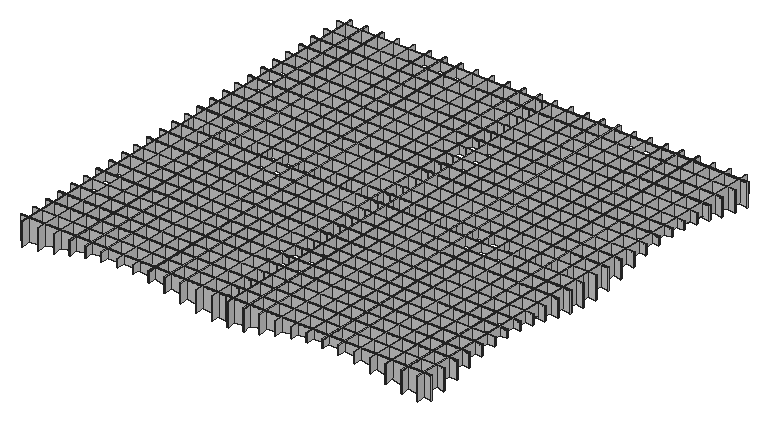
Revit family "CLD-WFL-002_RFA", category Modelos genéricos, Revit 2022 (continued)
Forms (in)
  Extrusion 313, solid
    sketch origin (108, 29.30922, 0) x (1, 0, 0) y (0, 0, 1)
      loop
        spline (53.76378, 3.05407) -> (54.49695, 3.0556) -> (55.23004, 3.05885) -> (55.96301, 3.06387) -> (56.6958, 3.07073) -> (57.42836, 3.07948) -> (58.16062, 3.09019) -> (58.89255, 3.10292) -> (59.62409, 3.11771) -> (60.35517, 3.13464) -> (61.08576, 3.15376) -> (61.81579, 3.17514) -> (62.54522, 3.19882)
        spline (62.54522, 3.19882) -> (63.20286, 3.22386) -> (63.85981, 3.25117) -> (64.51602, 3.28078) -> (65.17144, 3.31277) -> (65.82603, 3.34719) -> (66.47973, 3.38408) -> (67.1325, 3.42351) -> (67.78428, 3.46553) -> (68.43505, 3.51013) -> (69.08486, 3.55715) -> (69.73376, 3.60642) -> (70.38178, 3.65777)
        spline (70.38178, 3.65777) -> (71.1172, 3.71948) -> (71.85176, 3.78304) -> (72.58554, 3.84824) -> (73.31858, 3.91488) -> (74.05094, 3.98275) -> (74.78268, 4.05166) -> (75.51385, 4.12139) -> (76.24452, 4.19176) -> (76.97473, 4.26254) -> (77.70455, 4.33354) -> (78.43403, 4.40456) -> (79.16322, 4.47539)
        spline (79.16322, 4.47539) -> (79.80403, 4.53723) -> (80.44473, 4.59841) -> (81.08536, 4.65876) -> (81.72599, 4.7181) -> (82.36666, 4.77623) -> (83.00743, 4.83299) -> (83.64836, 4.88819) -> (84.28951, 4.94166) -> (84.93093, 4.9932) -> (85.57267, 5.04265) -> (86.21481, 5.08982) -> (86.85738, 5.13453)
        spline (86.85738, 5.13453) -> (87.59614, 5.18092) -> (88.33559, 5.22395) -> (89.07577, 5.26344) -> (89.81676, 5.29917) -> (90.55862, 5.33094) -> (91.30141, 5.35856) -> (92.04519, 5.38181) -> (92.79004, 5.4005) -> (93.53601, 5.41442) -> (94.28316, 5.42338) -> (95.03157, 5.42716) -> (95.78122, 5.4257)
        spline (95.78122, 5.4257) -> (96.43065, 5.41648) -> (97.08095, 5.40294) -> (97.73207, 5.38513) -> (98.38393, 5.36311) -> (99.03648, 5.33693) -> (99.68963, 5.30665) -> (100.34334, 5.27231) -> (100.99753, 5.23398) -> (101.65213, 5.19169) -> (102.30709, 5.14552) -> (102.96233, 5.09551) -> (103.61778, 5.04172)
        spline (103.61778, 5.04172) -> (103.98301, 5.00943) -> (104.34827, 4.97613) -> (104.71354, 4.94182) -> (105.07881, 4.90651) -> (105.44407, 4.8702) -> (105.80932, 4.83291) -> (106.17455, 4.79465) -> (106.53974, 4.75541) -> (106.90489, 4.71521) -> (107.26999, 4.67406) -> (107.63503, 4.63196) -> (108, 4.58891)
        line (108, 4.58891) -> (108, 11.82144)
    from -0.11811 to 0
  Extrusion 314, solid
    sketch origin (108, 21.00022, 0) x (1, 0, 0) y (0, 0, 1)
      loop
        line (108, 11.82144) -> (0, 11.82144) -> (0, 2.55729)
        spline (0, 2.55729) -> (0.32561, 2.61504) -> (0.65129, 2.67215) -> (0.97702, 2.72862) -> (1.3028, 2.78445) -> (1.62862, 2.83963) -> (1.95447, 2.89415) -> (2.28035, 2.94802) -> (2.60624, 3.00123) -> (2.93213, 3.05379) -> (3.25803, 3.10567) -> (3.58391, 3.15689) -> (3.90978, 3.20744)
        spline (3.90978, 3.20744) -> (4.64427, 3.31686) -> (5.37851, 3.42317) -> (6.11243, 3.52634) -> (6.84596, 3.62635) -> (7.57903, 3.72316) -> (8.31156, 3.81675) -> (9.04347, 3.90709) -> (9.77469, 3.99415) -> (10.50515, 4.07789) -> (11.23478, 4.1583) -> (11.96349, 4.23534) -> (12.69122, 4.30898)
        spline (12.69122, 4.30898) -> (13.34952, 4.37039) -> (14.00673, 4.4286) -> (14.66285, 4.48364) -> (15.31792, 4.53559) -> (15.97202, 4.58455) -> (16.62518, 4.63059) -> (17.27747, 4.67381) -> (17.92894, 4.71429) -> (18.57965, 4.75212) -> (19.22966, 4.78738) -> (19.87902, 4.82016) -> (20.52778, 4.85054)
        spline (20.52778, 4.85054) -> (21.26115, 4.88062) -> (21.99402, 4.90823) -> (22.72646, 4.93347) -> (23.45851, 4.95644) -> (24.19026, 4.97724) -> (24.92176, 4.99598) -> (25.65309, 5.01275) -> (26.38429, 5.02764) -> (27.11545, 5.04077) -> (27.84661, 5.05223) -> (28.57785, 5.06211) -> (29.30922, 5.07053)
        spline (29.30922, 5.07053) -> (29.95995, 5.07584) -> (30.61094, 5.08009) -> (31.26223, 5.08336) -> (31.91387, 5.08574) -> (32.56591, 5.08733) -> (33.21841, 5.0882) -> (33.87141, 5.08846) -> (34.52497, 5.08817) -> (35.17914, 5.08744) -> (35.83396, 5.08636) -> (36.48949, 5.085) -> (37.14578, 5.08346)
        spline (37.14578, 5.08346) -> (37.87194, 5.08165) -> (38.59907, 5.0799) -> (39.32723, 5.0783) -> (40.05647, 5.07696) -> (40.78684, 5.07594) -> (41.51831, 5.07527) -> (42.25083, 5.07491) -> (42.98434, 5.07483) -> (43.7188, 5.075) -> (44.45413, 5.07538) -> (45.19029, 5.07596) -> (45.92722, 5.0767)
        spline (45.92722, 5.0767) -> (46.57816, 5.07753) -> (47.22964, 5.07843) -> (47.88162, 5.07937) -> (48.53404, 5.08033) -> (49.18687, 5.08128) -> (49.84004, 5.0822) -> (50.49352, 5.08306) -> (51.14725, 5.08383) -> (51.80119, 5.0845) -> (52.45529, 5.08503) -> (53.1095, 5.0854) -> (53.76378, 5.08558)
        spline (53.76378, 5.08558) -> (54.49695, 5.08542) -> (55.23004, 5.08505) -> (55.96301, 5.0845) -> (56.6958, 5.0838) -> (57.42835, 5.08298) -> (58.16062, 5.08206) -> (58.89255, 5.08107) -> (59.62408, 5.08005) -> (60.35517, 5.07902) -> (61.08576, 5.07801) -> (61.81579, 5.07705) -> (62.54522, 5.07616)
        spline (62.54522, 5.07616) -> (63.20286, 5.07551) -> (63.85981, 5.075) -> (64.51602, 5.07466) -> (65.17144, 5.07452) -> (65.82603, 5.0746) -> (66.47973, 5.07493) -> (67.1325, 5.07554) -> (67.78428, 5.07645) -> (68.43505, 5.07766) -> (69.08486, 5.07909) -> (69.73376, 5.08066) -> (70.38178, 5.08229)
        spline (70.38178, 5.08229) -> (71.1172, 5.08386) -> (71.85177, 5.08523) -> (72.58555, 5.08629) -> (73.31859, 5.08695) -> (74.05095, 5.08712) -> (74.78269, 5.08668) -> (75.51386, 5.08555) -> (76.24453, 5.08362) -> (76.97474, 5.08079) -> (77.70455, 5.07697) -> (78.43403, 5.07206) -> (79.16322, 5.06596)
        spline (79.16322, 5.06596) -> (79.81589, 5.05858) -> (80.46845, 5.04989) -> (81.12094, 5.0398) -> (81.77342, 5.02821) -> (82.42595, 5.01505) -> (83.07858, 5.00022) -> (83.73137, 4.98363) -> (84.38439, 4.9652) -> (85.03768, 4.94483) -> (85.6913, 4.92244) -> (86.34531, 4.89793) -> (86.99978, 4.87123)
        spline (86.99978, 4.87123) -> (87.72677, 4.83707) -> (88.45442, 4.80022) -> (89.18281, 4.7606) -> (89.91198, 4.7181) -> (90.642, 4.67263) -> (91.37294, 4.62408) -> (92.10486, 4.57237) -> (92.83781, 4.5174) -> (93.57187, 4.45907) -> (94.3071, 4.39728) -> (95.04355, 4.33194) -> (95.78122, 4.26301)
        spline (95.78122, 4.26301) -> (96.43065, 4.19725) -> (97.08095, 4.12847) -> (97.73207, 4.05667) -> (98.38393, 3.9819) -> (99.03648, 3.90417) -> (99.68963, 3.82352) -> (100.34334, 3.73996) -> (100.99753, 3.65352) -> (101.65213, 3.56424) -> (102.30709, 3.47213) -> (102.96233, 3.37722) -> (103.61778, 3.27954)
        spline (103.61778, 3.27954) -> (103.98302, 3.22342) -> (104.34828, 3.16655) -> (104.71355, 3.10893) -> (105.07882, 3.05057) -> (105.44409, 2.99146) -> (105.80934, 2.93162) -> (106.17456, 2.87105) -> (106.53976, 2.80974) -> (106.9049, 2.74771) -> (107.27, 2.68496) -> (107.63504, 2.62148) -> (108, 2.55729)
        line (108, 2.55729) -> (108, 11.82144)
    from -0.11811 to 0
  Extrusion 315, solid
    sketch origin (108, 12.69122, 0) x (1, 0, 0) y (0, 0, 1)
      loop
        line (108, 11.82144) -> (0, 11.82144) -> (0, 0.88375)
        spline (0, 0.88375) -> (0.32561, 0.94348) -> (0.65129, 1.00296) -> (0.97702, 1.06219) -> (1.3028, 1.12116) -> (1.62862, 1.1799) -> (1.95447, 1.23838) -> (2.28035, 1.29662) -> (2.60624, 1.35462) -> (2.93213, 1.41237) -> (3.25803, 1.46988) -> (3.58391, 1.52715) -> (3.90978, 1.58418)
        spline (3.90978, 1.58418) -> (4.64426, 1.71122) -> (5.37851, 1.8372) -> (6.11243, 1.96212) -> (6.84596, 2.086) -> (7.57903, 2.20885) -> (8.31155, 2.33067) -> (9.04347, 2.45149) -> (9.77469, 2.57131) -> (10.50515, 2.69014) -> (11.23478, 2.80798) -> (11.96349, 2.92486) -> (12.69122, 3.04079)
        spline (12.69122, 3.04079) -> (13.34952, 3.14441) -> (14.00673, 3.24717) -> (14.66285, 3.34906) -> (15.31792, 3.45005) -> (15.97202, 3.55011) -> (16.62518, 3.64921) -> (17.27747, 3.74732) -> (17.92894, 3.8444) -> (18.57965, 3.94043) -> (19.22966, 4.03537) -> (19.87902, 4.12919) -> (20.52778, 4.22187)
        spline (20.52778, 4.22187) -> (21.26116, 4.32437) -> (21.99403, 4.42546) -> (22.72646, 4.52511) -> (23.45852, 4.62328) -> (24.19027, 4.71993) -> (24.92177, 4.81503) -> (25.6531, 4.90854) -> (26.3843, 5.00042) -> (27.11545, 5.09065) -> (27.84662, 5.17918) -> (28.57786, 5.26598) -> (29.30922, 5.35101)
        spline (29.30922, 5.35101) -> (29.95995, 5.42391) -> (30.61094, 5.49516) -> (31.26223, 5.56472) -> (31.91387, 5.63257) -> (32.56591, 5.69867) -> (33.21841, 5.763) -> (33.87141, 5.82551) -> (34.52497, 5.88618) -> (35.17914, 5.94498) -> (35.83396, 6.00187) -> (36.48949, 6.05683) -> (37.14578, 6.10982)
        spline (37.14578, 6.10982) -> (37.87194, 6.16453) -> (38.59907, 6.21702) -> (39.32723, 6.26723) -> (40.05647, 6.31514) -> (40.78684, 6.36072) -> (41.51831, 6.40397) -> (42.25083, 6.44489) -> (42.98434, 6.4835) -> (43.71879, 6.51981) -> (44.45413, 6.55383) -> (45.19029, 6.58557) -> (45.92722, 6.61503)
        spline (45.92722, 6.61503) -> (46.57816, 6.6376) -> (47.22964, 6.65822) -> (47.88162, 6.67689) -> (48.53404, 6.69363) -> (49.18687, 6.70845) -> (49.84004, 6.72134) -> (50.49352, 6.73234) -> (51.14725, 6.74143) -> (51.80119, 6.74863) -> (52.45529, 6.75396) -> (53.1095, 6.75742) -> (53.76378, 6.75901)
        spline (53.76378, 6.75901) -> (54.49695, 6.7572) -> (55.23004, 6.75331) -> (55.96301, 6.74732) -> (56.6958, 6.73922) -> (57.42835, 6.72901) -> (58.16062, 6.71667) -> (58.89255, 6.7022) -> (59.62408, 6.68557) -> (60.35517, 6.66679) -> (61.08576, 6.64585) -> (61.81579, 6.62272) -> (62.54522, 6.59741)
        spline (62.54522, 6.59741) -> (63.20286, 6.57112) -> (63.85981, 6.54281) -> (64.51602, 6.51247) -> (65.17144, 6.48008) -> (65.82603, 6.44563) -> (66.47973, 6.40912) -> (67.1325, 6.37054) -> (67.78428, 6.32988) -> (68.43505, 6.28713) -> (69.08486, 6.24233) -> (69.73376, 6.19551) -> (70.38178, 6.14669)
        spline (70.38178, 6.14669) -> (71.1172, 6.08737) -> (71.85177, 6.02584) -> (72.58554, 5.96214) -> (73.31858, 5.89631) -> (74.05094, 5.82838) -> (74.78268, 5.75838) -> (75.51386, 5.68636) -> (76.24452, 5.61234) -> (76.97473, 5.53637) -> (77.70455, 5.45847) -> (78.43403, 5.37869) -> (79.16322, 5.29705)
        spline (79.16322, 5.29705) -> (79.81589, 5.22111) -> (80.46845, 5.14359) -> (81.12094, 5.06452) -> (81.77342, 4.98394) -> (82.42595, 4.90188) -> (83.07858, 4.81837) -> (83.73137, 4.73344) -> (84.38439, 4.64713) -> (85.03768, 4.55947) -> (85.6913, 4.47048) -> (86.34531, 4.3802) -> (86.99978, 4.28866)
        spline (86.99978, 4.28866) -> (87.72677, 4.18488) -> (88.45442, 4.07981) -> (89.1828, 3.97349) -> (89.91197, 3.86595) -> (90.64199, 3.75723) -> (91.37293, 3.64737) -> (92.10485, 3.53639) -> (92.8378, 3.42433) -> (93.57186, 3.31123) -> (94.30709, 3.19712) -> (95.04354, 3.08203) -> (95.78122, 2.96599)
        spline (95.78122, 2.96599) -> (96.4698, 2.85601) -> (97.15931, 2.74512) -> (97.84968, 2.63332) -> (98.54085, 2.52058) -> (99.23273, 2.40692) -> (99.92527, 2.2923) -> (100.61838, 2.17673) -> (101.31201, 2.06019) -> (102.00608, 1.94268) -> (102.70052, 1.82418) -> (103.39525, 1.70469) -> (104.09022, 1.58418)
        spline (104.09022, 1.58418) -> (104.41609, 1.52715) -> (104.74197, 1.46988) -> (105.06787, 1.41237) -> (105.39376, 1.35462) -> (105.71965, 1.29662) -> (106.04553, 1.23838) -> (106.37138, 1.1799) -> (106.6972, 1.12116) -> (107.02298, 1.06219) -> (107.34871, 1.00296) -> (107.67439, 0.94348) -> (108, 0.88375)
        line (108, 0.88375) -> (108, 11.82144)
    from -0.11811 to 0
  Extrusion 316, solid
    sketch origin (108, 61.95467, 0) x (1, 0, 0) y (0, 0, 1)
      loop
        line (108, 11.82144) -> (0, 11.82144) -> (0, 7.49745)
        spline (0, 7.49745) -> (0.32561, 7.50061) -> (0.65129, 7.5028) -> (0.97702, 7.504) -> (1.3028, 7.50421) -> (1.62862, 7.5034) -> (1.95447, 7.50158) -> (2.28035, 7.49874) -> (2.60624, 7.49485) -> (2.93213, 7.48991) -> (3.25803, 7.48392) -> (3.58391, 7.47685) -> (3.90978, 7.46871)
        spline (3.90978, 7.46871) -> (4.64427, 7.44283) -> (5.37852, 7.41184) -> (6.11245, 7.37564) -> (6.84598, 7.33415) -> (7.57905, 7.28726) -> (8.31158, 7.23488) -> (9.04349, 7.17692) -> (9.77471, 7.11327) -> (10.50517, 7.04386) -> (11.23479, 6.96857) -> (11.9635, 6.88732) -> (12.69122, 6.80001)
        spline (12.69122, 6.80001) -> (13.34456, 6.71191) -> (13.99682, 6.61804) -> (14.64799, 6.5185) -> (15.29813, 6.41358) -> (15.94729, 6.30354) -> (16.59553, 6.18867) -> (17.2429, 6.06925) -> (17.88946, 5.94556) -> (18.53527, 5.81787) -> (19.18038, 5.68647) -> (19.82484, 5.55162) -> (20.46871, 5.41362)
        spline (20.46871, 5.41362) -> (21.20701, 5.25043) -> (21.94481, 5.08446) -> (22.68216, 4.91603) -> (23.41914, 4.74548) -> (24.15581, 4.57314) -> (24.89224, 4.39932) -> (25.62848, 4.22436) -> (26.36461, 4.04857) -> (27.10068, 3.8723) -> (27.83677, 3.69586) -> (28.57293, 3.51959) -> (29.30922, 3.3438)
        spline (29.30922, 3.3438) -> (29.95995, 3.18922) -> (30.61094, 3.03586) -> (31.26223, 2.884) -> (31.91387, 2.73392) -> (32.56591, 2.58591) -> (33.21841, 2.44027) -> (33.87141, 2.29726) -> (34.52497, 2.15719) -> (35.17914, 2.02034) -> (35.83396, 1.88699) -> (36.48949, 1.75744) -> (37.14578, 1.63196)
        spline (37.14578, 1.63196) -> (37.87194, 1.50186) -> (38.59907, 1.37703) -> (39.32723, 1.25779) -> (40.05647, 1.14445) -> (40.78684, 1.03728) -> (41.51831, 0.93629) -> (42.25083, 0.84139) -> (42.98434, 0.75249) -> (43.71879, 0.66948) -> (44.45413, 0.59228) -> (45.19029, 0.52078) -> (45.92722, 0.45488)
        spline (45.92722, 0.45488) -> (46.57816, 0.40504) -> (47.22964, 0.35985) -> (47.88162, 0.31924) -> (48.53404, 0.28312) -> (49.18687, 0.2514) -> (49.84004, 0.224) -> (50.49352, 0.20084) -> (51.14725, 0.18183) -> (51.80119, 0.1669) -> (52.45529, 0.15595) -> (53.1095, 0.14891) -> (53.76378, 0.14568)
        spline (53.76378, 0.14568) -> (54.49695, 0.14945) -> (55.23005, 0.1575) -> (55.96302, 0.16993) -> (56.69581, 0.18682) -> (57.42837, 0.20828) -> (58.16064, 0.23439) -> (58.89257, 0.26525) -> (59.6241, 0.30095) -> (60.35518, 0.34158) -> (61.08577, 0.38725) -> (61.8158, 0.43804) -> (62.54522, 0.49405)
        spline (62.54522, 0.49405) -> (63.20286, 0.55285) -> (63.85981, 0.61666) -> (64.51602, 0.68555) -> (65.17144, 0.75961) -> (65.82603, 0.83894) -> (66.47973, 0.92362) -> (67.1325, 1.01374) -> (67.78428, 1.10938) -> (68.43505, 1.21052) -> (69.08486, 1.31692) -> (69.73376, 1.42831) -> (70.38178, 1.54441)
        spline (70.38178, 1.54441) -> (71.11719, 1.68452) -> (71.85174, 1.82919) -> (72.58551, 1.97812) -> (73.31855, 2.13097) -> (74.05091, 2.28743) -> (74.78265, 2.44718) -> (75.51383, 2.60988) -> (76.24449, 2.77524) -> (76.97471, 2.94291) -> (77.70453, 3.11258) -> (78.43402, 3.28394) -> (79.16322, 3.45665)
        spline (79.16322, 3.45665) -> (79.81589, 3.61318) -> (80.46845, 3.77015) -> (81.12094, 3.92726) -> (81.77342, 4.08422) -> (82.42595, 4.24075) -> (83.07858, 4.39655) -> (83.73137, 4.55134) -> (84.38439, 4.70482) -> (85.03768, 4.85671) -> (85.6913, 5.00672) -> (86.34531, 5.15455) -> (86.99978, 5.29992)
        spline (86.99978, 5.29992) -> (87.72678, 5.4553) -> (88.45445, 5.60712) -> (89.18284, 5.75506) -> (89.91202, 5.8988) -> (90.64204, 6.03803) -> (91.37299, 6.17243) -> (92.1049, 6.3017) -> (92.83786, 6.42551) -> (93.57191, 6.54354) -> (94.30712, 6.6555) -> (95.04356, 6.76106) -> (95.78122, 6.8601)
        spline (95.78122, 6.8601) -> (96.43065, 6.93786) -> (97.08095, 7.01021) -> (97.73207, 7.07724) -> (98.38393, 7.13903) -> (99.03648, 7.19567) -> (99.68963, 7.24723) -> (100.34334, 7.29382) -> (100.99753, 7.33551) -> (101.65213, 7.37238) -> (102.30709, 7.40452) -> (102.96233, 7.43202) -> (103.61778, 7.45496)
        spline (103.61778, 7.45496) -> (103.98301, 7.46494) -> (104.34826, 7.47372) -> (104.71353, 7.4813) -> (105.0788, 7.48768) -> (105.44406, 7.4929) -> (105.80931, 7.49695) -> (106.17454, 7.49984) -> (106.53973, 7.5016) -> (106.90488, 7.50223) -> (107.26998, 7.50173) -> (107.63503, 7.50014) -> (108, 7.49745)
        line (108, 7.49745) -> (108, 11.82144)
    from -0.11811 to 0
  Extrusion 317, solid
    sketch origin (108, 62.07278, 0) x (1, 0, 0) y (0, 0, 1)
      loop
        line (108, 11.82144) -> (0, 11.82144) -> (0, 7.49745)
        spline (0, 7.49745) -> (0.32561, 7.50061) -> (0.65129, 7.5028) -> (0.97702, 7.504) -> (1.3028, 7.50421) -> (1.62862, 7.5034) -> (1.95447, 7.50158) -> (2.28035, 7.49874) -> (2.60624, 7.49485) -> (2.93213, 7.48991) -> (3.25803, 7.48392) -> (3.58391, 7.47685) -> (3.90978, 7.46871)
        spline (3.90978, 7.46871) -> (4.64427, 7.44283) -> (5.37852, 7.41184) -> (6.11245, 7.37564) -> (6.84598, 7.33415) -> (7.57905, 7.28726) -> (8.31158, 7.23488) -> (9.04349, 7.17692) -> (9.77471, 7.11327) -> (10.50517, 7.04386) -> (11.23479, 6.96857) -> (11.9635, 6.88732) -> (12.69122, 6.80001)
        spline (12.69122, 6.80001) -> (13.34456, 6.71191) -> (13.99682, 6.61804) -> (14.64799, 6.5185) -> (15.29813, 6.41358) -> (15.94729, 6.30354) -> (16.59553, 6.18867) -> (17.2429, 6.06925) -> (17.88946, 5.94556) -> (18.53527, 5.81787) -> (19.18038, 5.68647) -> (19.82484, 5.55162) -> (20.46871, 5.41362)
        spline (20.46871, 5.41362) -> (21.20701, 5.25043) -> (21.94481, 5.08446) -> (22.68216, 4.91603) -> (23.41914, 4.74548) -> (24.15581, 4.57314) -> (24.89224, 4.39932) -> (25.62848, 4.22436) -> (26.36461, 4.04857) -> (27.10068, 3.8723) -> (27.83677, 3.69586) -> (28.57293, 3.51959) -> (29.30922, 3.3438)
        spline (29.30922, 3.3438) -> (29.95995, 3.18922) -> (30.61094, 3.03586) -> (31.26223, 2.884) -> (31.91387, 2.73392) -> (32.56591, 2.58591) -> (33.21841, 2.44027) -> (33.87141, 2.29726) -> (34.52497, 2.15719) -> (35.17914, 2.02034) -> (35.83396, 1.88699) -> (36.48949, 1.75744) -> (37.14578, 1.63196)
        spline (37.14578, 1.63196) -> (37.87194, 1.50186) -> (38.59907, 1.37703) -> (39.32723, 1.25779) -> (40.05647, 1.14445) -> (40.78684, 1.03728) -> (41.51831, 0.93629) -> (42.25083, 0.84139) -> (42.98434, 0.75249) -> (43.71879, 0.66948) -> (44.45413, 0.59228) -> (45.19029, 0.52078) -> (45.92722, 0.45488)
        spline (45.92722, 0.45488) -> (46.57816, 0.40504) -> (47.22964, 0.35985) -> (47.88162, 0.31924) -> (48.53404, 0.28312) -> (49.18687, 0.2514) -> (49.84004, 0.224) -> (50.49352, 0.20084) -> (51.14725, 0.18183) -> (51.80119, 0.1669) -> (52.45529, 0.15595) -> (53.1095, 0.14891) -> (53.76378, 0.14568)
        spline (53.76378, 0.14568) -> (54.49695, 0.14945) -> (55.23005, 0.1575) -> (55.96302, 0.16993) -> (56.69581, 0.18682) -> (57.42837, 0.20828) -> (58.16064, 0.23439) -> (58.89257, 0.26525) -> (59.6241, 0.30095) -> (60.35518, 0.34158) -> (61.08577, 0.38725) -> (61.8158, 0.43804) -> (62.54522, 0.49405)
        spline (62.54522, 0.49405) -> (63.20286, 0.55285) -> (63.85981, 0.61666) -> (64.51602, 0.68555) -> (65.17144, 0.75961) -> (65.82603, 0.83894) -> (66.47973, 0.92362) -> (67.1325, 1.01374) -> (67.78428, 1.10938) -> (68.43505, 1.21052) -> (69.08486, 1.31692) -> (69.73376, 1.42831) -> (70.38178, 1.54441)
        spline (70.38178, 1.54441) -> (71.11719, 1.68452) -> (71.85174, 1.82919) -> (72.58551, 1.97812) -> (73.31855, 2.13097) -> (74.05091, 2.28743) -> (74.78265, 2.44718) -> (75.51383, 2.60988) -> (76.24449, 2.77524) -> (76.97471, 2.94291) -> (77.70453, 3.11258) -> (78.43402, 3.28394) -> (79.16322, 3.45665)
        spline (79.16322, 3.45665) -> (79.81589, 3.61318) -> (80.46845, 3.77015) -> (81.12094, 3.92726) -> (81.77342, 4.08422) -> (82.42595, 4.24075) -> (83.07858, 4.39655) -> (83.73137, 4.55134) -> (84.38439, 4.70482) -> (85.03768, 4.85671) -> (85.6913, 5.00672) -> (86.34531, 5.15455) -> (86.99978, 5.29992)
        spline (86.99978, 5.29992) -> (87.72678, 5.4553) -> (88.45445, 5.60712) -> (89.18284, 5.75506) -> (89.91202, 5.8988) -> (90.64204, 6.03803) -> (91.37299, 6.17243) -> (92.1049, 6.3017) -> (92.83786, 6.42551) -> (93.57191, 6.54354) -> (94.30712, 6.6555) -> (95.04356, 6.76106) -> (95.78122, 6.8601)
        spline (95.78122, 6.8601) -> (96.43065, 6.93786) -> (97.08095, 7.01021) -> (97.73207, 7.07724) -> (98.38393, 7.13903) -> (99.03648, 7.19567) -> (99.68963, 7.24723) -> (100.34334, 7.29382) -> (100.99753, 7.33551) -> (101.65213, 7.37238) -> (102.30709, 7.40452) -> (102.96233, 7.43202) -> (103.61778, 7.45496)
        spline (103.61778, 7.45496) -> (103.98301, 7.46494) -> (104.34826, 7.47372) -> (104.71353, 7.4813) -> (105.0788, 7.48768) -> (105.44406, 7.4929) -> (105.80931, 7.49695) -> (106.17454, 7.49984) -> (106.53973, 7.5016) -> (106.90488, 7.50223) -> (107.26998, 7.50173) -> (107.63503, 7.50014) -> (108, 7.49745)
        line (108, 7.49745) -> (108, 11.82144)
    from -0.47244 to 0
  Extrusion 318, solid
    sketch origin (108, 62.54522, 0) x (1, 0, 0) y (0, 0, 1)
      loop
        line (108, 11.82144) -> (0, 11.82144) -> (0, 7.49745)
        spline (0, 7.49745) -> (0.32561, 7.50061) -> (0.65129, 7.5028) -> (0.97702, 7.504) -> (1.3028, 7.50421) -> (1.62862, 7.5034) -> (1.95447, 7.50158) -> (2.28035, 7.49874) -> (2.60624, 7.49485) -> (2.93213, 7.48991) -> (3.25803, 7.48392) -> (3.58391, 7.47685) -> (3.90978, 7.46871)
        spline (3.90978, 7.46871) -> (4.64427, 7.44283) -> (5.37852, 7.41184) -> (6.11245, 7.37564) -> (6.84598, 7.33415) -> (7.57905, 7.28726) -> (8.31158, 7.23488) -> (9.04349, 7.17692) -> (9.77471, 7.11327) -> (10.50517, 7.04386) -> (11.23479, 6.96857) -> (11.9635, 6.88732) -> (12.69122, 6.80001)
        spline (12.69122, 6.80001) -> (13.34456, 6.71191) -> (13.99682, 6.61804) -> (14.64799, 6.5185) -> (15.29813, 6.41358) -> (15.94729, 6.30354) -> (16.59553, 6.18867) -> (17.2429, 6.06925) -> (17.88946, 5.94556) -> (18.53527, 5.81787) -> (19.18038, 5.68647) -> (19.82484, 5.55162) -> (20.46871, 5.41362)
        spline (20.46871, 5.41362) -> (21.20701, 5.25043) -> (21.94481, 5.08446) -> (22.68216, 4.91603) -> (23.41914, 4.74548) -> (24.15581, 4.57314) -> (24.89224, 4.39932) -> (25.62848, 4.22436) -> (26.36461, 4.04857) -> (27.10068, 3.8723) -> (27.83677, 3.69586) -> (28.57293, 3.51959) -> (29.30922, 3.3438)
        spline (29.30922, 3.3438) -> (29.95995, 3.18922) -> (30.61094, 3.03586) -> (31.26223, 2.884) -> (31.91387, 2.73392) -> (32.56591, 2.58591) -> (33.21841, 2.44027) -> (33.87141, 2.29726) -> (34.52497, 2.15719) -> (35.17914, 2.02034) -> (35.83396, 1.88699) -> (36.48949, 1.75744) -> (37.14578, 1.63196)
        spline (37.14578, 1.63196) -> (37.87194, 1.50186) -> (38.59907, 1.37703) -> (39.32723, 1.25779) -> (40.05647, 1.14445) -> (40.78684, 1.03728) -> (41.51831, 0.93629) -> (42.25083, 0.84139) -> (42.98434, 0.75249) -> (43.71879, 0.66948) -> (44.45413, 0.59228) -> (45.19029, 0.52078) -> (45.92722, 0.45488)
        spline (45.92722, 0.45488) -> (46.57816, 0.40504) -> (47.22964, 0.35985) -> (47.88162, 0.31924) -> (48.53404, 0.28312) -> (49.18687, 0.2514) -> (49.84004, 0.224) -> (50.49352, 0.20084) -> (51.14725, 0.18183) -> (51.80119, 0.1669) -> (52.45529, 0.15595) -> (53.1095, 0.14891) -> (53.76378, 0.14568)
        spline (53.76378, 0.14568) -> (54.49695, 0.14945) -> (55.23005, 0.1575) -> (55.96302, 0.16993) -> (56.69581, 0.18682) -> (57.42837, 0.20828) -> (58.16064, 0.23439) -> (58.89257, 0.26525) -> (59.6241, 0.30095) -> (60.35518, 0.34158) -> (61.08577, 0.38725) -> (61.8158, 0.43804) -> (62.54522, 0.49405)
        spline (62.54522, 0.49405) -> (63.20286, 0.55285) -> (63.85981, 0.61666) -> (64.51602, 0.68555) -> (65.17144, 0.75961) -> (65.82603, 0.83894) -> (66.47973, 0.92362) -> (67.1325, 1.01374) -> (67.78428, 1.10938) -> (68.43505, 1.21052) -> (69.08486, 1.31692) -> (69.73376, 1.42831) -> (70.38178, 1.54441)
        spline (70.38178, 1.54441) -> (71.11719, 1.68452) -> (71.85174, 1.82919) -> (72.58551, 1.97812) -> (73.31855, 2.13097) -> (74.05091, 2.28743) -> (74.78265, 2.44718) -> (75.51383, 2.60988) -> (76.24449, 2.77524) -> (76.97471, 2.94291) -> (77.70453, 3.11258) -> (78.43402, 3.28394) -> (79.16322, 3.45665)
        spline (79.16322, 3.45665) -> (79.81589, 3.61318) -> (80.46845, 3.77015) -> (81.12094, 3.92726) -> (81.77342, 4.08422) -> (82.42595, 4.24075) -> (83.07858, 4.39655) -> (83.73137, 4.55134) -> (84.38439, 4.70482) -> (85.03768, 4.85671) -> (85.6913, 5.00672) -> (86.34531, 5.15455) -> (86.99978, 5.29992)
        spline (86.99978, 5.29992) -> (87.72678, 5.4553) -> (88.45445, 5.60712) -> (89.18284, 5.75506) -> (89.91202, 5.8988) -> (90.64204, 6.03803) -> (91.37299, 6.17243) -> (92.1049, 6.3017) -> (92.83786, 6.42551) -> (93.57191, 6.54354) -> (94.30712, 6.6555) -> (95.04356, 6.76106) -> (95.78122, 6.8601)
        spline (95.78122, 6.8601) -> (96.43065, 6.93786) -> (97.08095, 7.01021) -> (97.73207, 7.07724) -> (98.38393, 7.13903) -> (99.03648, 7.19567) -> (99.68963, 7.24723) -> (100.34334, 7.29382) -> (100.99753, 7.33551) -> (101.65213, 7.37238) -> (102.30709, 7.40452) -> (102.96233, 7.43202) -> (103.61778, 7.45496)
        spline (103.61778, 7.45496) -> (103.98301, 7.46494) -> (104.34826, 7.47372) -> (104.71353, 7.4813) -> (105.0788, 7.48768) -> (105.44406, 7.4929) -> (105.80931, 7.49695) -> (106.17454, 7.49984) -> (106.53973, 7.5016) -> (106.90488, 7.50223) -> (107.26998, 7.50173) -> (107.63503, 7.50014) -> (108, 7.49745)
        line (108, 7.49745) -> (108, 11.82144)
    from -0.11811 to 0
  Extrusion 319, solid
    sketch origin (108, 70.26367, 0) x (1, 0, 0) y (0, 0, 1)
      loop
        line (108, 11.82144) -> (0, 11.82144) -> (0, 6.40455)
        spline (0, 6.40455) -> (0.32561, 6.42139) -> (0.65129, 6.43729) -> (0.97702, 6.45226) -> (1.3028, 6.46628) -> (1.62862, 6.47935) -> (1.95447, 6.49146) -> (2.28035, 6.50259) -> (2.60624, 6.51274) -> (2.93213, 6.52189) -> (3.25803, 6.53005) -> (3.58391, 6.5372) -> (3.90978, 6.54334)
        spline (3.90978, 6.54334) -> (4.64427, 6.55011) -> (5.37852, 6.55208) -> (6.11244, 6.54917) -> (6.84598, 6.5413) -> (7.57905, 6.52839) -> (8.31157, 6.51035) -> (9.04349, 6.4871) -> (9.77471, 6.45856) -> (10.50517, 6.42465) -> (11.23479, 6.38528) -> (11.9635, 6.34038) -> (12.69122, 6.28985)
        spline (12.69122, 6.28985) -> (13.34952, 6.23514) -> (14.00673, 6.17505) -> (14.66285, 6.10968) -> (15.31792, 6.03926) -> (15.97202, 5.96405) -> (16.62518, 5.88427) -> (17.27747, 5.80017) -> (17.92894, 5.712) -> (18.57965, 5.62) -> (19.22966, 5.52441) -> (19.87902, 5.42547) -> (20.52778, 5.32343)
        spline (20.52778, 5.32343) -> (21.26115, 5.20293) -> (21.99402, 5.07965) -> (22.72645, 4.95385) -> (23.4585, 4.82583) -> (24.19025, 4.69586) -> (24.92176, 4.56423) -> (25.65308, 4.43121) -> (26.38429, 4.29709) -> (27.11544, 4.16214) -> (27.84661, 4.02665) -> (28.57785, 3.8909) -> (29.30922, 3.75516)
        spline (29.30922, 3.75516) -> (29.95995, 3.63466) -> (30.61094, 3.51485) -> (31.26223, 3.39599) -> (31.91387, 3.2783) -> (32.56591, 3.16206) -> (33.21841, 3.04749) -> (33.87141, 2.93486) -> (34.52497, 2.8244) -> (35.17914, 2.71637) -> (35.83396, 2.61101) -> (36.48949, 2.50857) -> (37.14578, 2.4093)
        spline (37.14578, 2.4093) -> (37.87194, 2.30632) -> (38.59907, 2.20751) -> (39.32723, 2.11315) -> (40.05647, 2.02349) -> (40.78684, 1.93878) -> (41.51831, 1.85902) -> (42.25083, 1.78415) -> (42.98434, 1.71406) -> (43.71879, 1.64869) -> (44.45413, 1.58794) -> (45.19029, 1.53174) -> (45.92722, 1.47999)
        spline (45.92722, 1.47999) -> (46.57816, 1.44092) -> (47.22964, 1.40553) -> (47.88162, 1.37376) -> (48.53404, 1.34552) -> (49.18687, 1.32076) -> (49.84004, 1.2994) -> (50.49352, 1.28136) -> (51.14725, 1.26658) -> (51.80119, 1.25497) -> (52.45529, 1.24648) -> (53.1095, 1.24101) -> (53.76378, 1.23852)
        spline (53.76378, 1.23852) -> (54.49695, 1.24145) -> (55.23005, 1.2477) -> (55.96302, 1.25736) -> (56.69581, 1.2705) -> (57.42836, 1.2872) -> (58.16063, 1.30755) -> (58.89256, 1.33163) -> (59.62409, 1.35951) -> (60.35518, 1.39128) -> (61.08577, 1.42702) -> (61.8158, 1.46681) -> (62.54522, 1.51073)
        spline (62.54522, 1.51073) -> (63.20286, 1.5569) -> (63.85981, 1.60706) -> (64.51602, 1.66127) -> (65.17144, 1.7196) -> (65.82603, 1.78214) -> (66.47973, 1.84896) -> (67.1325, 1.92013) -> (67.78428, 1.99572) -> (68.43505, 2.07573) -> (69.08486, 2.15994) -> (69.73376, 2.24811) -> (70.38178, 2.34001)
        spline (70.38178, 2.34001) -> (71.11719, 2.45082) -> (71.85175, 2.56518) -> (72.58552, 2.6828) -> (73.31856, 2.80343) -> (74.05092, 2.92677) -> (74.78266, 3.05256) -> (75.51384, 3.1805) -> (76.2445, 3.31033) -> (76.97472, 3.44177) -> (77.70454, 3.57454) -> (78.43402, 3.70836) -> (79.16322, 3.84296)
        spline (79.16322, 3.84296) -> (79.81589, 3.96449) -> (80.46845, 4.08604) -> (81.12094, 4.20735) -> (81.77342, 4.32817) -> (82.42595, 4.44826) -> (83.07858, 4.56736) -> (83.73137, 4.68523) -> (84.38439, 4.80161) -> (85.03768, 4.91625) -> (85.6913, 5.02891) -> (86.34531, 5.13933) -> (86.99978, 5.24726)
        spline (86.99978, 5.24726) -> (87.72678, 5.36123) -> (88.45444, 5.47173) -> (89.18283, 5.57848) -> (89.91201, 5.68121) -> (90.64203, 5.77964) -> (91.37298, 5.87351) -> (92.10489, 5.96254) -> (92.83785, 6.04646) -> (93.5719, 6.125) -> (94.30712, 6.19789) -> (95.04356, 6.26486) -> (95.78122, 6.32579)
        spline (95.78122, 6.32579) -> (96.46987, 6.37175) -> (97.15943, 6.41238) -> (97.84985, 6.44778) -> (98.54104, 6.47801) -> (99.23294, 6.50316) -> (99.92548, 6.5233) -> (100.61859, 6.53851) -> (101.3122, 6.54886) -> (102.00624, 6.55445) -> (102.70063, 6.55534) -> (103.39532, 6.55161) -> (104.09022, 6.54334)
        spline (104.09022, 6.54334) -> (104.41609, 6.5372) -> (104.74197, 6.53005) -> (105.06787, 6.52189) -> (105.39376, 6.51274) -> (105.71965, 6.50259) -> (106.04553, 6.49146) -> (106.37138, 6.47935) -> (106.6972, 6.46628) -> (107.02298, 6.45226) -> (107.34871, 6.43729) -> (107.67439, 6.42139) -> (108, 6.40455)
        line (108, 6.40455) -> (108, 11.82144)
    from -0.11811 to 0
  Extrusion 320, solid
    sketch origin (108, 70.38178, 0) x (1, 0, 0) y (0, 0, 1)
      loop
        line (108, 11.82144) -> (0, 11.82144) -> (0, 6.40455)
        spline (0, 6.40455) -> (0.32561, 6.42139) -> (0.65129, 6.43729) -> (0.97702, 6.45226) -> (1.3028, 6.46628) -> (1.62862, 6.47935) -> (1.95447, 6.49146) -> (2.28035, 6.50259) -> (2.60624, 6.51274) -> (2.93213, 6.52189) -> (3.25803, 6.53005) -> (3.58391, 6.5372) -> (3.90978, 6.54334)
        spline (3.90978, 6.54334) -> (4.64427, 6.55011) -> (5.37852, 6.55208) -> (6.11244, 6.54917) -> (6.84598, 6.5413) -> (7.57905, 6.52839) -> (8.31157, 6.51035) -> (9.04349, 6.4871) -> (9.77471, 6.45856) -> (10.50517, 6.42465) -> (11.23479, 6.38528) -> (11.9635, 6.34038) -> (12.69122, 6.28985)
        spline (12.69122, 6.28985) -> (13.34952, 6.23514) -> (14.00673, 6.17505) -> (14.66285, 6.10968) -> (15.31792, 6.03926) -> (15.97202, 5.96405) -> (16.62518, 5.88427) -> (17.27747, 5.80017) -> (17.92894, 5.712) -> (18.57965, 5.62) -> (19.22966, 5.52441) -> (19.87902, 5.42547) -> (20.52778, 5.32343)
        spline (20.52778, 5.32343) -> (21.26115, 5.20293) -> (21.99402, 5.07965) -> (22.72645, 4.95385) -> (23.4585, 4.82583) -> (24.19025, 4.69586) -> (24.92176, 4.56423) -> (25.65308, 4.43121) -> (26.38429, 4.29709) -> (27.11544, 4.16214) -> (27.84661, 4.02665) -> (28.57785, 3.8909) -> (29.30922, 3.75516)
        spline (29.30922, 3.75516) -> (29.95995, 3.63466) -> (30.61094, 3.51485) -> (31.26223, 3.39599) -> (31.91387, 3.2783) -> (32.56591, 3.16206) -> (33.21841, 3.04749) -> (33.87141, 2.93486) -> (34.52497, 2.8244) -> (35.17914, 2.71637) -> (35.83396, 2.61101) -> (36.48949, 2.50857) -> (37.14578, 2.4093)
        spline (37.14578, 2.4093) -> (37.87194, 2.30632) -> (38.59907, 2.20751) -> (39.32723, 2.11315) -> (40.05647, 2.02349) -> (40.78684, 1.93878) -> (41.51831, 1.85902) -> (42.25083, 1.78415) -> (42.98434, 1.71406) -> (43.71879, 1.64869) -> (44.45413, 1.58794) -> (45.19029, 1.53174) -> (45.92722, 1.47999)
        spline (45.92722, 1.47999) -> (46.57816, 1.44092) -> (47.22964, 1.40553) -> (47.88162, 1.37376) -> (48.53404, 1.34552) -> (49.18687, 1.32076) -> (49.84004, 1.2994) -> (50.49352, 1.28136) -> (51.14725, 1.26658) -> (51.80119, 1.25497) -> (52.45529, 1.24648) -> (53.1095, 1.24101) -> (53.76378, 1.23852)
        spline (53.76378, 1.23852) -> (54.49695, 1.24145) -> (55.23005, 1.2477) -> (55.96302, 1.25736) -> (56.69581, 1.2705) -> (57.42836, 1.2872) -> (58.16063, 1.30755) -> (58.89256, 1.33163) -> (59.62409, 1.35951) -> (60.35518, 1.39128) -> (61.08577, 1.42702) -> (61.8158, 1.46681) -> (62.54522, 1.51073)
        spline (62.54522, 1.51073) -> (63.20286, 1.5569) -> (63.85981, 1.60706) -> (64.51602, 1.66127) -> (65.17144, 1.7196) -> (65.82603, 1.78214) -> (66.47973, 1.84896) -> (67.1325, 1.92013) -> (67.78428, 1.99572) -> (68.43505, 2.07573) -> (69.08486, 2.15994) -> (69.73376, 2.24811) -> (70.38178, 2.34001)
        spline (70.38178, 2.34001) -> (71.11719, 2.45082) -> (71.85175, 2.56518) -> (72.58552, 2.6828) -> (73.31856, 2.80343) -> (74.05092, 2.92677) -> (74.78266, 3.05256) -> (75.51384, 3.1805) -> (76.2445, 3.31033) -> (76.97472, 3.44177) -> (77.70454, 3.57454) -> (78.43402, 3.70836) -> (79.16322, 3.84296)
        spline (79.16322, 3.84296) -> (79.81589, 3.96449) -> (80.46845, 4.08604) -> (81.12094, 4.20735) -> (81.77342, 4.32817) -> (82.42595, 4.44826) -> (83.07858, 4.56736) -> (83.73137, 4.68523) -> (84.38439, 4.80161) -> (85.03768, 4.91625) -> (85.6913, 5.02891) -> (86.34531, 5.13933) -> (86.99978, 5.24726)
        spline (86.99978, 5.24726) -> (87.72678, 5.36123) -> (88.45444, 5.47173) -> (89.18283, 5.57848) -> (89.91201, 5.68121) -> (90.64203, 5.77964) -> (91.37298, 5.87351) -> (92.10489, 5.96254) -> (92.83785, 6.04646) -> (93.5719, 6.125) -> (94.30712, 6.19789) -> (95.04356, 6.26486) -> (95.78122, 6.32579)
        spline (95.78122, 6.32579) -> (96.46987, 6.37175) -> (97.15943, 6.41238) -> (97.84985, 6.44778) -> (98.54104, 6.47801) -> (99.23294, 6.50316) -> (99.92548, 6.5233) -> (100.61859, 6.53851) -> (101.3122, 6.54886) -> (102.00624, 6.55445) -> (102.70063, 6.55534) -> (103.39532, 6.55161) -> (104.09022, 6.54334)
        spline (104.09022, 6.54334) -> (104.41609, 6.5372) -> (104.74197, 6.53005) -> (105.06787, 6.52189) -> (105.39376, 6.51274) -> (105.71965, 6.50259) -> (106.04553, 6.49146) -> (106.37138, 6.47935) -> (106.6972, 6.46628) -> (107.02298, 6.45226) -> (107.34871, 6.43729) -> (107.67439, 6.42139) -> (108, 6.40455)
        line (108, 6.40455) -> (108, 11.82144)
    from -0.47244 to 0
  Extrusion 321, solid
    sketch origin (108, 70.85422, 0) x (1, 0, 0) y (0, 0, 1)
      loop
        line (108, 11.82144) -> (0, 11.82144) -> (0, 6.40455)
        spline (0, 6.40455) -> (0.32561, 6.42139) -> (0.65129, 6.43729) -> (0.97702, 6.45226) -> (1.3028, 6.46628) -> (1.62862, 6.47935) -> (1.95447, 6.49146) -> (2.28035, 6.50259) -> (2.60624, 6.51274) -> (2.93213, 6.52189) -> (3.25803, 6.53005) -> (3.58391, 6.5372) -> (3.90978, 6.54334)
        spline (3.90978, 6.54334) -> (4.64427, 6.55011) -> (5.37852, 6.55208) -> (6.11244, 6.54917) -> (6.84598, 6.5413) -> (7.57905, 6.52839) -> (8.31157, 6.51035) -> (9.04349, 6.4871) -> (9.77471, 6.45856) -> (10.50517, 6.42465) -> (11.23479, 6.38528) -> (11.9635, 6.34038) -> (12.69122, 6.28985)
        spline (12.69122, 6.28985) -> (13.34952, 6.23514) -> (14.00673, 6.17505) -> (14.66285, 6.10968) -> (15.31792, 6.03926) -> (15.97202, 5.96405) -> (16.62518, 5.88427) -> (17.27747, 5.80017) -> (17.92894, 5.712) -> (18.57965, 5.62) -> (19.22966, 5.52441) -> (19.87902, 5.42547) -> (20.52778, 5.32343)
        spline (20.52778, 5.32343) -> (21.26115, 5.20293) -> (21.99402, 5.07965) -> (22.72645, 4.95385) -> (23.4585, 4.82583) -> (24.19025, 4.69586) -> (24.92176, 4.56423) -> (25.65308, 4.43121) -> (26.38429, 4.29709) -> (27.11544, 4.16214) -> (27.84661, 4.02665) -> (28.57785, 3.8909) -> (29.30922, 3.75516)
        spline (29.30922, 3.75516) -> (29.95995, 3.63466) -> (30.61094, 3.51485) -> (31.26223, 3.39599) -> (31.91387, 3.2783) -> (32.56591, 3.16206) -> (33.21841, 3.04749) -> (33.87141, 2.93486) -> (34.52497, 2.8244) -> (35.17914, 2.71637) -> (35.83396, 2.61101) -> (36.48949, 2.50857) -> (37.14578, 2.4093)
        spline (37.14578, 2.4093) -> (37.87194, 2.30632) -> (38.59907, 2.20751) -> (39.32723, 2.11315) -> (40.05647, 2.02349) -> (40.78684, 1.93878) -> (41.51831, 1.85902) -> (42.25083, 1.78415) -> (42.98434, 1.71406) -> (43.71879, 1.64869) -> (44.45413, 1.58794) -> (45.19029, 1.53174) -> (45.92722, 1.47999)
        spline (45.92722, 1.47999) -> (46.57816, 1.44092) -> (47.22964, 1.40553) -> (47.88162, 1.37376) -> (48.53404, 1.34552) -> (49.18687, 1.32076) -> (49.84004, 1.2994) -> (50.49352, 1.28136) -> (51.14725, 1.26658) -> (51.80119, 1.25497) -> (52.45529, 1.24648) -> (53.1095, 1.24101) -> (53.76378, 1.23852)
        spline (53.76378, 1.23852) -> (54.49695, 1.24145) -> (55.23005, 1.2477) -> (55.96302, 1.25736) -> (56.69581, 1.2705) -> (57.42836, 1.2872) -> (58.16063, 1.30755) -> (58.89256, 1.33163) -> (59.62409, 1.35951) -> (60.35518, 1.39128) -> (61.08577, 1.42702) -> (61.8158, 1.46681) -> (62.54522, 1.51073)
        spline (62.54522, 1.51073) -> (63.20286, 1.5569) -> (63.85981, 1.60706) -> (64.51602, 1.66127) -> (65.17144, 1.7196) -> (65.82603, 1.78214) -> (66.47973, 1.84896) -> (67.1325, 1.92013) -> (67.78428, 1.99572) -> (68.43505, 2.07573) -> (69.08486, 2.15994) -> (69.73376, 2.24811) -> (70.38178, 2.34001)
        spline (70.38178, 2.34001) -> (71.11719, 2.45082) -> (71.85175, 2.56518) -> (72.58552, 2.6828) -> (73.31856, 2.80343) -> (74.05092, 2.92677) -> (74.78266, 3.05256) -> (75.51384, 3.1805) -> (76.2445, 3.31033) -> (76.97472, 3.44177) -> (77.70454, 3.57454) -> (78.43402, 3.70836) -> (79.16322, 3.84296)
        spline (79.16322, 3.84296) -> (79.81589, 3.96449) -> (80.46845, 4.08604) -> (81.12094, 4.20735) -> (81.77342, 4.32817) -> (82.42595, 4.44826) -> (83.07858, 4.56736) -> (83.73137, 4.68523) -> (84.38439, 4.80161) -> (85.03768, 4.91625) -> (85.6913, 5.02891) -> (86.34531, 5.13933) -> (86.99978, 5.24726)
        spline (86.99978, 5.24726) -> (87.72678, 5.36123) -> (88.45444, 5.47173) -> (89.18283, 5.57848) -> (89.91201, 5.68121) -> (90.64203, 5.77964) -> (91.37298, 5.87351) -> (92.10489, 5.96254) -> (92.83785, 6.04646) -> (93.5719, 6.125) -> (94.30712, 6.19789) -> (95.04356, 6.26486) -> (95.78122, 6.32579)
        spline (95.78122, 6.32579) -> (96.46987, 6.37175) -> (97.15943, 6.41238) -> (97.84985, 6.44778) -> (98.54104, 6.47801) -> (99.23294, 6.50316) -> (99.92548, 6.5233) -> (100.61859, 6.53851) -> (101.3122, 6.54886) -> (102.00624, 6.55445) -> (102.70063, 6.55534) -> (103.39532, 6.55161) -> (104.09022, 6.54334)
        spline (104.09022, 6.54334) -> (104.41609, 6.5372) -> (104.74197, 6.53005) -> (105.06787, 6.52189) -> (105.39376, 6.51274) -> (105.71965, 6.50259) -> (106.04553, 6.49146) -> (106.37138, 6.47935) -> (106.6972, 6.46628) -> (107.02298, 6.45226) -> (107.34871, 6.43729) -> (107.67439, 6.42139) -> (108, 6.40455)
        line (108, 6.40455) -> (108, 11.82144)
    from -0.11811 to 0
  Extrusion 322, solid
    sketch origin (108, 78.57267, 0) x (1, 0, 0) y (0, 0, 1)
      loop
        line (108, 11.82144) -> (0, 11.82144) -> (0, 4.58891)
        spline (0, 4.58891) -> (0.32561, 4.62796) -> (0.65129, 4.66617) -> (0.97702, 4.70353) -> (1.3028, 4.74004) -> (1.62862, 4.77569) -> (1.95447, 4.81048) -> (2.28035, 4.84439) -> (2.60624, 4.87743) -> (2.93213, 4.90957) -> (3.25803, 4.94083) -> (3.58391, 4.97119) -> (3.90978, 5.00064)
        spline (3.90978, 5.00064) -> (4.64427, 5.06081) -> (5.37851, 5.11675) -> (6.11244, 5.16838) -> (6.84597, 5.21566) -> (7.57904, 5.25851) -> (8.31157, 5.29688) -> (9.04348, 5.33072) -> (9.7747, 5.35995) -> (10.50516, 5.38452) -> (11.23478, 5.40437) -> (11.96349, 5.41944) -> (12.69122, 5.42966)
        spline (12.69122, 5.42966) -> (13.34952, 5.43128) -> (14.00673, 5.42829) -> (14.66285, 5.42076) -> (15.31792, 5.40886) -> (15.97202, 5.39278) -> (16.62518, 5.37269) -> (17.27747, 5.34877) -> (17.92894, 5.32119) -> (18.57965, 5.29014) -> (19.22966, 5.2558) -> (19.87902, 5.21833) -> (20.52778, 5.17793)
        spline (20.52778, 5.17793) -> (21.26115, 5.12722) -> (21.99402, 5.0737) -> (22.72645, 5.01759) -> (23.45851, 4.95908) -> (24.19025, 4.89838) -> (24.92176, 4.8357) -> (25.65308, 4.77124) -> (26.38429, 4.70521) -> (27.11544, 4.63782) -> (27.84661, 4.56926) -> (28.57785, 4.49975) -> (29.30922, 4.42949)
        spline (29.30922, 4.42949) -> (29.95995, 4.366) -> (30.61094, 4.30234) -> (31.26223, 4.2387) -> (31.91387, 4.17525) -> (32.56591, 4.11218) -> (33.21841, 4.04966) -> (33.87141, 3.98789) -> (34.52497, 3.92703) -> (35.17914, 3.86728) -> (35.83396, 3.80881) -> (36.48949, 3.75181) -> (37.14578, 3.69645)
        spline (37.14578, 3.69645) -> (37.87194, 3.63892) -> (38.59907, 3.58371) -> (39.32723, 3.53102) -> (40.05647, 3.48105) -> (40.78684, 3.43397) -> (41.51831, 3.38979) -> (42.25083, 3.34845) -> (42.98434, 3.30989) -> (43.7188, 3.27405) -> (44.45413, 3.24086) -> (45.19029, 3.21027) -> (45.92722, 3.18221)
        spline (45.92722, 3.18221) -> (46.57816, 3.16116) -> (47.22964, 3.14217) -> (47.88162, 3.12519) -> (48.53404, 3.11017) -> (49.18687, 3.09705) -> (49.84004, 3.08579) -> (50.49352, 3.07632) -> (51.14725, 3.06859) -> (51.80119, 3.06255) -> (52.45529, 3.05816) -> (53.1095, 3.05535) -> (53.76378, 3.05407)
        spline (53.76378, 3.05407) -> (54.49695, 3.0556) -> (55.23004, 3.05885) -> (55.96301, 3.06387) -> (56.6958, 3.07073) -> (57.42836, 3.07948) -> (58.16062, 3.09019) -> (58.89255, 3.10292) -> (59.62409, 3.11771) -> (60.35517, 3.13464) -> (61.08576, 3.15376) -> (61.81579, 3.17514) -> (62.54522, 3.19882)
        spline (62.54522, 3.19882) -> (63.20286, 3.22386) -> (63.85981, 3.25117) -> (64.51602, 3.28078) -> (65.17144, 3.31277) -> (65.82603, 3.34719) -> (66.47973, 3.38408) -> (67.1325, 3.42351) -> (67.78428, 3.46553) -> (68.43505, 3.51013) -> (69.08486, 3.55715) -> (69.73376, 3.60642) -> (70.38178, 3.65777)
        spline (70.38178, 3.65777) -> (71.1172, 3.71948) -> (71.85176, 3.78304) -> (72.58554, 3.84824) -> (73.31858, 3.91488) -> (74.05094, 3.98275) -> (74.78268, 4.05166) -> (75.51385, 4.12139) -> (76.24452, 4.19176) -> (76.97473, 4.26254) -> (77.70455, 4.33354) -> (78.43403, 4.40456) -> (79.16322, 4.47539)
        spline (79.16322, 4.47539) -> (79.80403, 4.53723) -> (80.44473, 4.59841) -> (81.08536, 4.65876) -> (81.72599, 4.7181) -> (82.36666, 4.77623) -> (83.00743, 4.83299) -> (83.64836, 4.88819) -> (84.28951, 4.94166) -> (84.93093, 4.9932) -> (85.57267, 5.04265) -> (86.21481, 5.08982) -> (86.85738, 5.13453)
        spline (86.85738, 5.13453) -> (87.59614, 5.18092) -> (88.33559, 5.22395) -> (89.07577, 5.26344) -> (89.81676, 5.29917) -> (90.55862, 5.33094) -> (91.30141, 5.35856) -> (92.04519, 5.38181) -> (92.79004, 5.4005) -> (93.53601, 5.41442) -> (94.28316, 5.42338) -> (95.03157, 5.42716) -> (95.78122, 5.4257)
        spline (95.78122, 5.4257) -> (96.43065, 5.41648) -> (97.08095, 5.40294) -> (97.73207, 5.38513) -> (98.38393, 5.36311) -> (99.03648, 5.33693) -> (99.68963, 5.30665) -> (100.34334, 5.27231) -> (100.99753, 5.23398) -> (101.65213, 5.19169) -> (102.30709, 5.14552) -> (102.96233, 5.09551) -> (103.61778, 5.04172)
        spline (103.61778, 5.04172) -> (103.98301, 5.00943) -> (104.34827, 4.97613) -> (104.71354, 4.94182) -> (105.07881, 4.90651) -> (105.44407, 4.8702) -> (105.80932, 4.83291) -> (106.17455, 4.79465) -> (106.53974, 4.75541) -> (106.90489, 4.71521) -> (107.26999, 4.67406) -> (107.63503, 4.63196) -> (108, 4.58891)
        line (108, 4.58891) -> (108, 11.82144)
    from -0.11811 to 0
  Extrusion 323, solid
    sketch origin (108, 78.69078, 0) x (1, 0, 0) y (0, 0, 1)
      loop
        line (108, 11.82144) -> (0, 11.82144) -> (0, 4.58891)
        spline (0, 4.58891) -> (0.32561, 4.62796) -> (0.65129, 4.66617) -> (0.97702, 4.70353) -> (1.3028, 4.74004) -> (1.62862, 4.77569) -> (1.95447, 4.81048) -> (2.28035, 4.84439) -> (2.60624, 4.87743) -> (2.93213, 4.90957) -> (3.25803, 4.94083) -> (3.58391, 4.97119) -> (3.90978, 5.00064)
        spline (3.90978, 5.00064) -> (4.64427, 5.06081) -> (5.37851, 5.11675) -> (6.11244, 5.16838) -> (6.84597, 5.21566) -> (7.57904, 5.25851) -> (8.31157, 5.29688) -> (9.04348, 5.33072) -> (9.7747, 5.35995) -> (10.50516, 5.38452) -> (11.23478, 5.40437) -> (11.96349, 5.41944) -> (12.69122, 5.42966)
        spline (12.69122, 5.42966) -> (13.34952, 5.43128) -> (14.00673, 5.42829) -> (14.66285, 5.42076) -> (15.31792, 5.40886) -> (15.97202, 5.39278) -> (16.62518, 5.37269) -> (17.27747, 5.34877) -> (17.92894, 5.32119) -> (18.57965, 5.29014) -> (19.22966, 5.2558) -> (19.87902, 5.21833) -> (20.52778, 5.17793)
        spline (20.52778, 5.17793) -> (21.26115, 5.12722) -> (21.99402, 5.0737) -> (22.72645, 5.01759) -> (23.45851, 4.95908) -> (24.19025, 4.89838) -> (24.92176, 4.8357) -> (25.65308, 4.77124) -> (26.38429, 4.70521) -> (27.11544, 4.63782) -> (27.84661, 4.56926) -> (28.57785, 4.49975) -> (29.30922, 4.42949)
        spline (29.30922, 4.42949) -> (29.95995, 4.366) -> (30.61094, 4.30234) -> (31.26223, 4.2387) -> (31.91387, 4.17525) -> (32.56591, 4.11218) -> (33.21841, 4.04966) -> (33.87141, 3.98789) -> (34.52497, 3.92703) -> (35.17914, 3.86728) -> (35.83396, 3.80881) -> (36.48949, 3.75181) -> (37.14578, 3.69645)
        spline (37.14578, 3.69645) -> (37.87194, 3.63892) -> (38.59907, 3.58371) -> (39.32723, 3.53102) -> (40.05647, 3.48105) -> (40.78684, 3.43397) -> (41.51831, 3.38979) -> (42.25083, 3.34845) -> (42.98434, 3.30989) -> (43.7188, 3.27405) -> (44.45413, 3.24086) -> (45.19029, 3.21027) -> (45.92722, 3.18221)
        spline (45.92722, 3.18221) -> (46.57816, 3.16116) -> (47.22964, 3.14217) -> (47.88162, 3.12519) -> (48.53404, 3.11017) -> (49.18687, 3.09705) -> (49.84004, 3.08579) -> (50.49352, 3.07632) -> (51.14725, 3.06859) -> (51.80119, 3.06255) -> (52.45529, 3.05816) -> (53.1095, 3.05535) -> (53.76378, 3.05407)
        spline (53.76378, 3.05407) -> (54.49695, 3.0556) -> (55.23004, 3.05885) -> (55.96301, 3.06387) -> (56.6958, 3.07073) -> (57.42836, 3.07948) -> (58.16062, 3.09019) -> (58.89255, 3.10292) -> (59.62409, 3.11771) -> (60.35517, 3.13464) -> (61.08576, 3.15376) -> (61.81579, 3.17514) -> (62.54522, 3.19882)
        spline (62.54522, 3.19882) -> (63.20286, 3.22386) -> (63.85981, 3.25117) -> (64.51602, 3.28078) -> (65.17144, 3.31277) -> (65.82603, 3.34719) -> (66.47973, 3.38408) -> (67.1325, 3.42351) -> (67.78428, 3.46553) -> (68.43505, 3.51013) -> (69.08486, 3.55715) -> (69.73376, 3.60642) -> (70.38178, 3.65777)
        spline (70.38178, 3.65777) -> (71.1172, 3.71948) -> (71.85176, 3.78304) -> (72.58554, 3.84824) -> (73.31858, 3.91488) -> (74.05094, 3.98275) -> (74.78268, 4.05166) -> (75.51385, 4.12139) -> (76.24452, 4.19176) -> (76.97473, 4.26254) -> (77.70455, 4.33354) -> (78.43403, 4.40456) -> (79.16322, 4.47539)
        spline (79.16322, 4.47539) -> (79.80403, 4.53723) -> (80.44473, 4.59841) -> (81.08536, 4.65876) -> (81.72599, 4.7181) -> (82.36666, 4.77623) -> (83.00743, 4.83299) -> (83.64836, 4.88819) -> (84.28951, 4.94166) -> (84.93093, 4.9932) -> (85.57267, 5.04265) -> (86.21481, 5.08982) -> (86.85738, 5.13453)
        spline (86.85738, 5.13453) -> (87.59614, 5.18092) -> (88.33559, 5.22395) -> (89.07577, 5.26344) -> (89.81676, 5.29917) -> (90.55862, 5.33094) -> (91.30141, 5.35856) -> (92.04519, 5.38181) -> (92.79004, 5.4005) -> (93.53601, 5.41442) -> (94.28316, 5.42338) -> (95.03157, 5.42716) -> (95.78122, 5.4257)
        spline (95.78122, 5.4257) -> (96.43065, 5.41648) -> (97.08095, 5.40294) -> (97.73207, 5.38513) -> (98.38393, 5.36311) -> (99.03648, 5.33693) -> (99.68963, 5.30665) -> (100.34334, 5.27231) -> (100.99753, 5.23398) -> (101.65213, 5.19169) -> (102.30709, 5.14552) -> (102.96233, 5.09551) -> (103.61778, 5.04172)
        spline (103.61778, 5.04172) -> (103.98301, 5.00943) -> (104.34827, 4.97613) -> (104.71354, 4.94182) -> (105.07881, 4.90651) -> (105.44407, 4.8702) -> (105.80932, 4.83291) -> (106.17455, 4.79465) -> (106.53974, 4.75541) -> (106.90489, 4.71521) -> (107.26999, 4.67406) -> (107.63503, 4.63196) -> (108, 4.58891)
        line (108, 4.58891) -> (108, 11.82144)
    from -0.47244 to 0
  Extrusion 324, solid
    sketch origin (108, 79.16322, 0) x (1, 0, 0) y (0, 0, 1)
      loop
        line (108, 11.82144) -> (0, 11.82144) -> (0, 4.58891)
        spline (0, 4.58891) -> (0.32561, 4.62796) -> (0.65129, 4.66617) -> (0.97702, 4.70353) -> (1.3028, 4.74004) -> (1.62862, 4.77569) -> (1.95447, 4.81048) -> (2.28035, 4.84439) -> (2.60624, 4.87743) -> (2.93213, 4.90957) -> (3.25803, 4.94083) -> (3.58391, 4.97119) -> (3.90978, 5.00064)
        spline (3.90978, 5.00064) -> (4.64427, 5.06081) -> (5.37851, 5.11675) -> (6.11244, 5.16838) -> (6.84597, 5.21566) -> (7.57904, 5.25851) -> (8.31157, 5.29688) -> (9.04348, 5.33072) -> (9.7747, 5.35995) -> (10.50516, 5.38452) -> (11.23478, 5.40437) -> (11.96349, 5.41944) -> (12.69122, 5.42966)
        spline (12.69122, 5.42966) -> (13.34952, 5.43128) -> (14.00673, 5.42829) -> (14.66285, 5.42076) -> (15.31792, 5.40886) -> (15.97202, 5.39278) -> (16.62518, 5.37269) -> (17.27747, 5.34877) -> (17.92894, 5.32119) -> (18.57965, 5.29014) -> (19.22966, 5.2558) -> (19.87902, 5.21833) -> (20.52778, 5.17793)
        spline (20.52778, 5.17793) -> (21.26115, 5.12722) -> (21.99402, 5.0737) -> (22.72645, 5.01759) -> (23.45851, 4.95908) -> (24.19025, 4.89838) -> (24.92176, 4.8357) -> (25.65308, 4.77124) -> (26.38429, 4.70521) -> (27.11544, 4.63782) -> (27.84661, 4.56926) -> (28.57785, 4.49975) -> (29.30922, 4.42949)
        spline (29.30922, 4.42949) -> (29.95995, 4.366) -> (30.61094, 4.30234) -> (31.26223, 4.2387) -> (31.91387, 4.17525) -> (32.56591, 4.11218) -> (33.21841, 4.04966) -> (33.87141, 3.98789) -> (34.52497, 3.92703) -> (35.17914, 3.86728) -> (35.83396, 3.80881) -> (36.48949, 3.75181) -> (37.14578, 3.69645)
        spline (37.14578, 3.69645) -> (37.87194, 3.63892) -> (38.59907, 3.58371) -> (39.32723, 3.53102) -> (40.05647, 3.48105) -> (40.78684, 3.43397) -> (41.51831, 3.38979) -> (42.25083, 3.34845) -> (42.98434, 3.30989) -> (43.7188, 3.27405) -> (44.45413, 3.24086) -> (45.19029, 3.21027) -> (45.92722, 3.18221)
        spline (45.92722, 3.18221) -> (46.57816, 3.16116) -> (47.22964, 3.14217) -> (47.88162, 3.12519) -> (48.53404, 3.11017) -> (49.18687, 3.09705) -> (49.84004, 3.08579) -> (50.49352, 3.07632) -> (51.14725, 3.06859) -> (51.80119, 3.06255) -> (52.45529, 3.05816) -> (53.1095, 3.05535) -> (53.76378, 3.05407)
        spline (53.76378, 3.05407) -> (54.49695, 3.0556) -> (55.23004, 3.05885) -> (55.96301, 3.06387) -> (56.6958, 3.07073) -> (57.42836, 3.07948) -> (58.16062, 3.09019) -> (58.89255, 3.10292) -> (59.62409, 3.11771) -> (60.35517, 3.13464) -> (61.08576, 3.15376) -> (61.81579, 3.17514) -> (62.54522, 3.19882)
        spline (62.54522, 3.19882) -> (63.20286, 3.22386) -> (63.85981, 3.25117) -> (64.51602, 3.28078) -> (65.17144, 3.31277) -> (65.82603, 3.34719) -> (66.47973, 3.38408) -> (67.1325, 3.42351) -> (67.78428, 3.46553) -> (68.43505, 3.51013) -> (69.08486, 3.55715) -> (69.73376, 3.60642) -> (70.38178, 3.65777)
        spline (70.38178, 3.65777) -> (71.1172, 3.71948) -> (71.85176, 3.78304) -> (72.58554, 3.84824) -> (73.31858, 3.91488) -> (74.05094, 3.98275) -> (74.78268, 4.05166) -> (75.51385, 4.12139) -> (76.24452, 4.19176) -> (76.97473, 4.26254) -> (77.70455, 4.33354) -> (78.43403, 4.40456) -> (79.16322, 4.47539)
        spline (79.16322, 4.47539) -> (79.80403, 4.53723) -> (80.44473, 4.59841) -> (81.08536, 4.65876) -> (81.72599, 4.7181) -> (82.36666, 4.77623) -> (83.00743, 4.83299) -> (83.64836, 4.88819) -> (84.28951, 4.94166) -> (84.93093, 4.9932) -> (85.57267, 5.04265) -> (86.21481, 5.08982) -> (86.85738, 5.13453)
        spline (86.85738, 5.13453) -> (87.59614, 5.18092) -> (88.33559, 5.22395) -> (89.07577, 5.26344) -> (89.81676, 5.29917) -> (90.55862, 5.33094) -> (91.30141, 5.35856) -> (92.04519, 5.38181) -> (92.79004, 5.4005) -> (93.53601, 5.41442) -> (94.28316, 5.42338) -> (95.03157, 5.42716) -> (95.78122, 5.4257)
        spline (95.78122, 5.4257) -> (96.43065, 5.41648) -> (97.08095, 5.40294) -> (97.73207, 5.38513) -> (98.38393, 5.36311) -> (99.03648, 5.33693) -> (99.68963, 5.30665) -> (100.34334, 5.27231) -> (100.99753, 5.23398) -> (101.65213, 5.19169) -> (102.30709, 5.14552) -> (102.96233, 5.09551) -> (103.61778, 5.04172)
        spline (103.61778, 5.04172) -> (103.98301, 5.00943) -> (104.34827, 4.97613) -> (104.71354, 4.94182) -> (105.07881, 4.90651) -> (105.44407, 4.8702) -> (105.80932, 4.83291) -> (106.17455, 4.79465) -> (106.53974, 4.75541) -> (106.90489, 4.71521) -> (107.26999, 4.67406) -> (107.63503, 4.63196) -> (108, 4.58891)
        line (108, 4.58891) -> (108, 11.82144)
    from -0.11811 to 0
  Extrusion 325, solid
    sketch origin (108, 86.88167, 0) x (1, 0, 0) y (0, 0, 1)
      loop
        line (108, 11.82144) -> (0, 11.82144) -> (0, 2.55729)
        spline (0, 2.55729) -> (0.32561, 2.61504) -> (0.65129, 2.67215) -> (0.97702, 2.72862) -> (1.3028, 2.78445) -> (1.62862, 2.83963) -> (1.95447, 2.89415) -> (2.28035, 2.94802) -> (2.60624, 3.00123) -> (2.93213, 3.05379) -> (3.25803, 3.10567) -> (3.58391, 3.15689) -> (3.90978, 3.20744)
